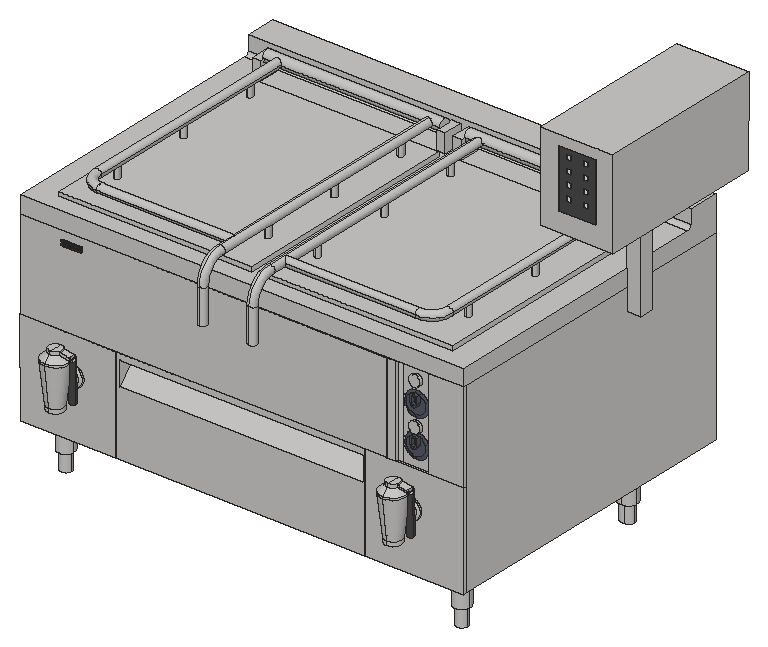
Revit family "QF_ZANUSSI_291163_CR42E", category Attrezzature speciali, Revit 2021
Family settings
  Quota connettore circolare = Usa diametro
  Tipo di parte = Normale
  Basato su piano di lavoro = No
  Sempre verticale = Sì
  Taglio con vuoti quando caricato = No
  Condiviso = No
  Punto di calcolo locali = No
Parameters (values of type "Standard")
  Weight = 380.00 kg
  Watts = 30000 W
  Volts = 400 V
  URL Manufacturer = "http://www.zanussiprofessional.com"
  URL = "http://www.zanussiprofessional.com"
  Steam Supply Size = 0 mm
  Steam Supply Minimum Pressure = 0.0 Pa
  Steam Supply Maximum Pressure = 0.0 Pa
  Steam Consumption per Hour = 0
  Refrigeration Suction Line Size = 0 mm
  Refrigeration Liquid Line Size = 0 mm
  Refrigerant Compressor Remote = yes
  Prospetto di default = 0 mm
  Produttore = "Zanussi"
  Phase = 3
  Modello = "CR42E"
  Length Actual = 1600 mm  # constant formula
  Item Number = "291163"
  Hot Water Size = 0 mm
  Height Actual = 850 mm  # constant formula
  HP = "40.2 HP"
  Gas Size = 0 mm
  Gas KW = 0
  Gas Input Pressure = 0 W
  Direct Waste Size = 50.8 mm
  Descrizione = "AUTOMATIC PASTA COOKER-ELECTRIC 2X190 LT"
  Depth Actual = 1280 mm  # constant formula
  Cycle = 50 Hz
  Condensate Return Size = 0 mm
  Compressed Air Volume = 0.0 L/s
  Compressed Air Size = 0 mm
  Compressed Air Pressure = 0.0 Pa
  Cold Water Size = 19.05 mm
  Accessory = yes
Reference planes
  plane 1 "Center (Front/Back)": y = 352
  plane 2: z = 0
  plane 3 "Center (Left/Right)": x = -256
  plane 4 "BASE": z = 170
  plane 5 "DisplayBase": z = 1120
  plane 6 "PLANE": z = 900
  plane 7 "FRONT": y = -218
  plane 8 "BACK": y = 922
  plane 9 "LEFT": x = -1056
  plane 10 "RIGHT": x = 544
  plane 11 "EIx": x = 574
  plane 12: x = -1556
  plane 13: x = 1194
  plane 14: y = 1722
  plane 15: z = 1440
  plane 16: x = -966
  plane 17: x = 444
  plane 18: y = 642
  plane 19: y = -118
  plane 20: y = -208
  plane 21: y = 422.42
  plane 22 "ProfiloTubolare": z = 1210
  plane 23 "ProfiloTube": z = 965.724
  plane 24 "ProfiloTube2": x = -346
  plane 25 "EIy": y = 787
  plane 26: x = 605.338
  plane 27 "SupportoDisplayY": y = 546.798
  plane 28: x = -866
  plane 29: x = 354
  plane 30 "HWIz": z = 205
  plane 31 "SIz": z = 275
  plane 32 "SOz": z = 295
  plane 33 "Display": y = 258.192
  plane 34 "HWIx": x = -956
  plane 35 "SIx": x = -861
  plane 36 "SOx": x = -811
  plane 37: z = 310
  plane 38: x = 704
  plane 39: y = -343
Forms (mm)
  Extrusion 1, solid, material "QF_Finishes_Stainless Steel"
    sketch origin (0, 0, 170) x (-1, 0, 0) y (0, -1, 0)
      loop
        line (1056, -922) -> (1056, 208) -> (-544, 208) -> (-544, -922) -> (1056, -922)
    from 0 to 690
  Extrusion 2, solid, material "QF_Finishes_Stainless Steel"
    sketch origin (0, -218, 0) x (0, 0, 1) y (-1, 0, 0)
      loop
        line (170, 1056) -> (170, 711) -> (515, 711) -> (515, 1056) -> (170, 1056)
      loop
        line (170, -544) -> (515, -544) -> (515, -189) -> (170, -189) -> (170, -544)
    from 0 to -10
  Extrusion 3, solid, material "QF_Finishes_Stainless Steel"
    sketch origin (0, -218, 0) x (0, 0, 1) y (-1, 0, 0)
      loop
        line (515, 1056) -> (515, -269) -> (840, -269) -> (840, 1056) -> (515, 1056)
    from 0 to -10
  Extrusion 4, void
    sketch origin (0, -218, 0) x (0, 0, 1) y (-1, 0, 0)
      loop
        line (170, 711) -> (170, -189) -> (515, -189) -> (515, 711) -> (170, 711)
    from 0 to -60
  Extrusion 5, solid, material "QF_Finishes_Stainless Steel"
    sketch origin (0, -218, 0) x (0, 0, 1) y (-1, 0, 0)
      loop
        line (515, 711) -> (170, 711) -> (170, -189) -> (515, -189) -> (515, 711)
    from 0 to -60
  Extrusion 6, void
    sketch origin (-256, 0, 0) x (0, 1, 0) y (0, 0, 1)
      loop
        line (-218, 495) -> (-218, 405) -> (-168, 462.126) -> (-168, 510) -> (-208, 510) -> (-208, 495) -> (-218, 495)
    from -440 to 440
  Extrusion 7, solid, material "QF_Finishes_Stainless Steel"
    sketch origin (0, -218, 0) x (0, 0, 1) y (-1, 0, 0)
      loop
        line (840, -269) -> (515, -269) -> (515, -299) -> (840, -299) -> (840, -269)
      loop
        line (840, -544) -> (840, -419) -> (515, -419) -> (515, -544) -> (840, -544)
    from 0 to -10
  Extrusion 8, void
    sketch origin (0, 0, 900) x (0, 1, 0) y (-1, 0, 0)
      loop
        line (-208, -299) -> (-208, -419) -> (-197.393, -408.393) -> (-197.393, -309.607) -> (-208, -299)
    from -405 to -60
  Extrusion 9, solid, material "QF_Finishes_Stainless Steel"
    sketch origin (0, -218, 0) x (0, 0, 1) y (-1, 0, 0)
      loop
        circle (791.509, -359) r 20
      loop
        circle (640.167, -359) r 20
    from -20.607 to -10
  Blend 10, solid, material "QF_Finishes_Navy Blue"
    base sketch origin (0, -218, 0) x (0, 0, 1) y (-1, 0, 0)
      loop
        circle (713.251, -359) r 45
    top sketch origin (0, -218, 0) x (0, 0, 1) y (-1, 0, 0)
      loop
        circle (713.251, -359) r 35
    from -20.607 to -18.101
  Extrusion 11, solid, material "QF_Finishes_Navy Blue"
    sketch origin (0, -218, 0) x (0, 0, 1) y (-1, 0, 0)
      loop
        line (746.13, -347) -> (719.69, -347)
        arc (719.69, -347) -> (707.69, -359) -> (719.69, -371) r 12
        line (719.69, -371) -> (746.13, -371)
        arc (746.13, -371) -> (748.251, -359) -> (746.13, -347) r 35
      loop
        line (742.423, -352) -> (719.69, -352)
        arc (719.69, -352) -> (712.69, -359) -> (719.69, -366) r 7
        line (719.69, -366) -> (742.423, -366)
        arc (742.423, -366) -> (743.251, -359) -> (742.423, -352) r 30
    from -6.44 to -18.101
  Blend 12, solid, material "QF_Finishes_Navy Blue"
    base sketch origin (0, -218, -155) x (0, 0, 1) y (-1, 0, 0)
      loop
        circle (733.251, -359) r 45
    top sketch origin (0, -218, -155) x (0, 0, 1) y (-1, 0, 0)
      loop
        circle (733.251, -359) r 35
    from -20.607 to -18.101
  Extrusion 13, solid, material "QF_Finishes_Navy Blue"
    sketch origin (0, -218, -155) x (0, 0, 1) y (-1, 0, 0)
      loop
        line (766.13, -347) -> (739.69, -347)
        arc (739.69, -347) -> (727.69, -359) -> (739.69, -371) r 12
        line (739.69, -371) -> (766.13, -371)
        arc (766.13, -371) -> (768.251, -359) -> (766.13, -347) r 35
      loop
        line (762.423, -352) -> (739.69, -352)
        arc (739.69, -352) -> (732.69, -359) -> (739.69, -366) r 7
        line (739.69, -366) -> (762.423, -366)
        arc (762.423, -366) -> (763.251, -359) -> (762.423, -352) r 30
    from -6.44 to -18.101
  Extrusion 14, solid, material "QF_Finishes_Stainless Steel"
    sketch origin (0, 0, 900) x (0, 1, 0) y (-1, 0, 0)
      loop
        line (692, 966) -> (-155.274, 966) -> (-155.274, 271) -> (692, 271) -> (692, 966)
    from 0 to 15
  Extrusion 15, solid, material "QF_Finishes_Stainless Steel"
    sketch origin (0, 0, 900) x (0, 1, 0) y (-1, 0, 0)
      loop
        line (787, 966) -> (717, 966) -> (717, 936) -> (787, 936) -> (787, 966)
      loop
        line (787, 301) -> (717, 301) -> (717, 271) -> (787, 271) -> (787, 301)
    from 0 to 66.232
  Sweep 16, solid, material "QF_Finishes_Stainless Steel"
    path origin (0, 0, 965.724) x (-1, 0, 0) y (0, -1, 0)
      loop
        line (891, -752) -> (891, 78)
        arc (891, 78) -> (873.426, 120.426) -> (831, 138) r 60
        line (831, 138) -> (346, 138)
    profile origin (-891, 337, 965.724) x (1, 0, 0) y (0, 0, 1)
      loop
        circle (0, 0) r 15
  Sweep 17, solid, material "QF_Finishes_Stainless Steel"
    path origin (-346, 0, 0) x (0, 0, 1) y (0, -1, 0)
      loop
        line (965.724, -752) -> (965.724, 201.972)
        arc (965.724, 201.972) -> (942.292, 258.541) -> (885.724, 281.972) r 80
        line (885.724, 281.972) -> (762.083, 281.972)
    profile origin (-346, 275.014, 965.724) x (0, 0, -1) y (1, 0, 0)
      loop
        circle (0, 0) r 15
  Extrusion 18, solid, material "QF_Finishes_Stainless Steel"
    sketch origin (-256, 0, 0) x (0, 1, 0) y (0, 0, 1)
      loop
        line (-218, 840) -> (922, 840) -> (922, 965.724) -> (812, 965.724) -> (812, 915)
        arc (812, 915) -> (807.607, 904.393) -> (797, 900) r 15
        line (797, 900) -> (-218, 900) -> (-218, 840)
    from -800 to 800
  Extrusion 19, solid, material "QF_Finishes_Stainless Steel"
    sketch origin (-256, 0, 0) x (0, 1, 0) y (0, 0, 1)
      loop
        circle (752, 965.724) r 20
    from -45 to -685
  Extrusion 20, solid, material "QF_Finishes_Stainless Steel"
    sketch origin (0, 0, 1210) x (0, -1, 0) y (1, 0, 0)
      loop
        circle (-787, 574) r 10
    from -90 to -103.307
  Extrusion 21, solid, material "QF_Finishes_Stainless Steel"
    sketch origin (0, -240.202, 900) x (0, 1, 0) y (-1, 0, 0)
      loop
        line (762, -594) -> (812, -594) -> (812, -544) -> (762, -544) -> (762, -594)
    from -137.917 to 200
  Extrusion 22, solid, material "QF_Finishes_Stainless Steel"
    sketch origin (0, 352, 0) x (1, 0, 0) y (0, 0, 1)
      loop
        line (444, 1120) -> (704, 1120) -> (704, 1440) -> (444, 1440) -> (444, 1120)
    from -516.192 to 93.808
  Extrusion 23, void
    sketch origin (0, 258.192, 0) x (0, 0, 1) y (-1, 0, 0)
      loop
        line (1400, -506.5) -> (1190, -506.5) -> (1190, -641.5) -> (1400, -641.5) -> (1400, -506.5)
    from 0 to -14.147
  Extrusion 24, solid, material "QF_Plastic-Black-Matte"
    sketch origin (0, 258.192, 0) x (0, 0, 1) y (-1, 0, 0)
      loop
        line (1400, -506.5) -> (1190, -506.5) -> (1190, -641.5) -> (1400, -641.5) -> (1400, -506.5)
      loop
        line (1381.554, -536.792) -> (1366.554, -536.792) -> (1366.554, -551.792) -> (1381.554, -551.792) -> (1381.554, -536.792)
      loop
        line (1336.554, -536.792) -> (1321.554, -536.792) -> (1321.554, -551.792) -> (1336.554, -551.792) -> (1336.554, -536.792)
      loop
        line (1291.554, -536.792) -> (1276.554, -536.792) -> (1276.554, -551.792) -> (1291.554, -551.792) -> (1291.554, -536.792)
      loop
        line (1246.554, -536.792) -> (1231.554, -536.792) -> (1231.554, -551.792) -> (1246.554, -551.792) -> (1246.554, -536.792)
      loop
        line (1381.554, -611.208) -> (1381.554, -596.208) -> (1366.554, -596.208) -> (1366.554, -611.208) -> (1381.554, -611.208)
      loop
        line (1336.554, -611.208) -> (1336.554, -596.208) -> (1321.554, -596.208) -> (1321.554, -611.208) -> (1336.554, -611.208)
      loop
        line (1291.554, -611.208) -> (1291.554, -596.208) -> (1276.554, -596.208) -> (1276.554, -611.208) -> (1291.554, -611.208)
      loop
        line (1246.554, -611.208) -> (1246.554, -596.208) -> (1231.554, -596.208) -> (1231.554, -611.208) -> (1246.554, -611.208)
    from 0 to -14.147
  Extrusion 25, solid, material "QF_Finishes_White"
    sketch origin (0, 258.192, 0) x (0, 0, 1) y (-1, 0, 0)
      loop
        line (1381.554, -536.792) -> (1366.554, -536.792) -> (1366.554, -551.792) -> (1381.554, -551.792) -> (1381.554, -536.792)
      loop
        line (1381.554, -596.208) -> (1366.554, -596.208) -> (1366.554, -611.208) -> (1381.554, -611.208) -> (1381.554, -596.208)
      loop
        line (1336.554, -536.792) -> (1321.554, -536.792) -> (1321.554, -551.792) -> (1336.554, -551.792) -> (1336.554, -536.792)
      loop
        line (1336.554, -596.208) -> (1321.554, -596.208) -> (1321.554, -611.208) -> (1336.554, -611.208) -> (1336.554, -596.208)
      loop
        line (1291.554, -536.792) -> (1276.554, -536.792) -> (1276.554, -551.792) -> (1291.554, -551.792) -> (1291.554, -536.792)
      loop
        line (1291.554, -596.208) -> (1276.554, -596.208) -> (1276.554, -611.208) -> (1291.554, -611.208) -> (1291.554, -596.208)
      loop
        line (1246.554, -536.792) -> (1231.554, -536.792) -> (1231.554, -551.792) -> (1246.554, -551.792) -> (1246.554, -536.792)
      loop
        line (1246.554, -596.208) -> (1231.554, -596.208) -> (1231.554, -611.208) -> (1246.554, -611.208) -> (1246.554, -596.208)
    from 0 to -14.147
  Extrusion 26, solid, material "QF_Clearances", detail levels coarse
    sketch origin (0, 0, 0) x (1, 0, 0) y (0, 1, 0)
      loop
        line (-1056, -218) -> (-1056, 922) -> (574, 922) -> (574, -218) -> (1194, -218) -> (1194, 1722) -> (-1556, 1722) -> (-1556, -218) -> (-1056, -218)
    from 0 to 920
  Extrusion 27, solid, material "QF_Finishes_Stainless Steel"
    sketch origin (0, 922, 0) x (-1, 0, 0) y (0, 0, 1)
      loop
        circle (956, 205) r 6.35
    from 0 to 2
  Extrusion 28, solid, material "QF_Finishes_Stainless Steel"
    sketch origin (-512, 922, 0) x (1, 0, 0) y (0, 0, -1)
      loop
        circle (956, -205) r 6.35
    from 0 to 2
  Extrusion 29, solid, material "QF_Finishes_Stainless Steel"
    sketch origin (-512, 0, 900) x (0, 1, 0) y (-1, 0, 0)
      loop
        line (692, -966) -> (692, -271) -> (-155.274, -271) -> (-155.274, -966) -> (692, -966)
    from 0 to 15
  Extrusion 30, solid, material "QF_Finishes_Stainless Steel"
    sketch origin (-512, 0, 900) x (0, 1, 0) y (-1, 0, 0)
      loop
        line (787, -966) -> (787, -936) -> (717, -936) -> (717, -966) -> (787, -966)
      loop
        line (787, -301) -> (787, -271) -> (717, -271) -> (717, -301) -> (787, -301)
    from 0 to 66.232
  Sweep 31, solid, material "QF_Finishes_Stainless Steel"
    path origin (-512, 0, 965.724) x (1, 0, 0) y (0, -1, 0)
      loop
        line (891, -752) -> (891, 78)
        arc (891, 78) -> (873.426, 120.426) -> (831, 138) r 60
        line (831, 138) -> (346, 138)
    profile origin (379, 337, 965.724) x (1, 0, 0) y (0, 0, 1)
      loop
        circle (0, 0) r 15
  Sweep 32, solid, material "QF_Finishes_Stainless Steel"
    path origin (-166, 0, 0) x (0, 0, 1) y (0, 1, 0)
      loop
        line (965.724, 752) -> (965.724, -201.972)
        arc (965.724, -201.972) -> (942.292, -258.541) -> (885.724, -281.972) r 80
        line (885.724, -281.972) -> (762.083, -281.972)
    profile origin (-166, 275.014, 965.724) x (0, 0, 1) y (-1, 0, 0)
      loop
        circle (0, 0) r 15
  Extrusion 33, solid, material "QF_Finishes_Stainless Steel"
    sketch origin (-256, 0, 0) x (0, 1, 0) y (0, 0, -1)
      loop
        circle (752, -965.724) r 20
    from -45 to -685
  Extrusion 34, solid, material "QF_Finishes_Stainless Steel"
    sketch origin (0, 0, 900) x (0, 1, 0) y (-1, 0, 0)
      loop
        circle (312, 891) r 10
      loop
        circle (612, 891) r 10
      loop
        circle (12, 891) r 10
      loop
        circle (312, 346) r 10
      loop
        circle (612, 346) r 10
      loop
        circle (12, 346) r 10
      loop
        circle (312, -379) r 10
      loop
        circle (612, -379) r 10
      loop
        circle (12, -379) r 10
      loop
        circle (312, 166) r 10
      loop
        circle (612, 166) r 10
      loop
        circle (12, 166) r 10
    from 15 to 65.724
Cuts and joins
  Extrusion 4, Extrusion 8 cuts Extrusion 1
  Extrusion 6 cuts Extrusion 5
  joined: Sweep 16, Sweep 17, Extrusion 19, Sweep 31, Sweep 32, Extrusion 34
  Extrusion 23 cuts Extrusion 22
Lines and regions (mm)
  symbolic lines
    curve 1: line (-966, 787, 900) -> (-936, 787, 900)
    curve 2: line (-966, 717, 900) -> (-966, 787, 900)
    curve 3: line (-936, 717, 900) -> (-966, 717, 900)
    curve 4: line (-936, 787, 900) -> (-936, 717, 900)
    curve 5: line (-301, 787, 900) -> (-271, 787, 900)
    curve 6: line (-301, 717, 900) -> (-301, 787, 900)
    curve 7: line (-271, 717, 900) -> (-301, 717, 900)
    curve 8: line (-271, 787, 900) -> (-271, 717, 900)
    curve 9: line (-906, 732, 900) -> (-906, -78, 900)
    curve 10: line (-361, -153, 900) -> (-831, -153, 900)
    curve 11: arc (-906, -78, 900) -> (-884.033, -131.033, 900) -> (-831, -153, 900) r 75
    curve 12: line (-876, 732, 900) -> (-876, -78, 900)
    curve 13: arc (-876, -78, 900) -> (-862.82, -109.82, 900) -> (-831, -123, 900) r 45
    curve 14: line (-361, -123, 900) -> (-831, -123, 900)
    curve 15: line (-361, 732, 900) -> (-361, -123, 900)
    curve 16: arc (-361, -281.972, 900) -> (-346, -296.972, 900) -> (-331, -281.972, 900) r 15
    curve 17: line (-331, 732, 900) -> (-331, -281.972, 900)
    curve 18: line (-361, -153, 900) -> (-361, -281.972, 900)
    curve 19: line (-361, -123, 900) -> (-346, -138, 900)
    curve 20: line (-346, -138, 900) -> (-361, -153, 900)
    curve 21: line (-301, 732, 900) -> (-331, 732, 900)
    curve 22: arc (-361, 732, 900) -> (-346, 738.771, 900) -> (-331, 732, 900) r 20
    curve 23: line (-876, 732, 900) -> (-361, 732, 900)
    curve 24: line (-906, 732, 900) -> (-936, 732, 900)
    curve 25: line (-936, 772, 900) -> (-301, 772, 900)
    curve 26: line (444, 787, 900) -> (424, 787, 900)
    curve 27: line (424, 717, 900) -> (444, 717, 900)
    curve 28: line (424, 787, 900) -> (424, 717, 900)
    curve 29: line (-211, 787, 900) -> (-241, 787, 900)
    curve 30: line (-211, 717, 900) -> (-211, 787, 900)
    curve 31: line (-241, 717, 900) -> (-211, 717, 900)
    curve 32: line (-241, 787, 900) -> (-241, 717, 900)
    curve 33: line (394, 732, 900) -> (394, -78, 900)
    curve 34: line (-151, -153, 900) -> (319, -153, 900)
    curve 35: arc (394, -78, 900) -> (372.033, -131.033, 900) -> (319, -153, 900) r 75
    curve 36: line (364, 732, 900) -> (364, -78, 900)
    curve 37: arc (364, -78, 900) -> (350.82, -109.82, 900) -> (319, -123, 900) r 45
    curve 38: line (-151, -123, 900) -> (319, -123, 900)
    curve 39: line (-151, 732, 900) -> (-151, -123, 900)
    curve 40: arc (-151, -281.972, 900) -> (-166, -296.972, 900) -> (-181, -281.972, 900) r 15
    curve 41: line (-181, 732, 900) -> (-181, -281.972, 900)
    curve 42: line (-151, -153, 900) -> (-151, -281.972, 900)
    curve 43: line (-151, -123, 900) -> (-166, -138, 900)
    curve 44: line (-166, -138, 900) -> (-151, -153, 900)
    curve 45: line (-211, 732, 900) -> (-181, 732, 900)
    curve 46: arc (-151, 732, 900) -> (-166, 738.771, 900) -> (-181, 732, 900) r 20
    curve 47: line (364, 732, 900) -> (-151, 732, 900)
    curve 48: line (394, 732, 900) -> (424, 732, 900)
    curve 49: line (424, 772, 900) -> (-211, 772, 900)
    curve 50: line (-1056, 922, 900) -> (-1056, -218, 900)
    curve 51: line (-1056, -218, 900) -> (-361, -218, 900)
    curve 52: line (-331, -218, 900) -> (-181, -218, 900)
    curve 53: line (-151, -218, 900) -> (574, -218, 900)
    curve 54: line (574, -218, 900) -> (574, 258.192, 900)
    curve 55: line (444, 258.192, 900) -> (704, 258.192, 900)
    curve 56: line (444, 868.192, 900) -> (444, 258.192, 900)
    curve 57: line (704, 868.192, 900) -> (444, 868.192, 900)
    curve 58: line (704, 258.192, 900) -> (704, 868.192, 900)
    curve 59: line (-966, 692, 900) -> (-906, 692, 900)
    curve 60: line (-876, 692, 900) -> (-361, 692, 900)
    curve 61: line (-331, 692, 900) -> (-271, 692, 900)
    curve 62: line (-271, 692, 900) -> (-271, -155.274, 900)
    curve 63: line (-271, -155.274, 900) -> (-331, -155.274, 900)
    curve 64: line (-966, 692, 900) -> (-966, -155.274, 900)
    curve 65: line (-966, -155.274, 900) -> (-361, -155.274, 900)
    curve 66: line (444, 692, 900) -> (394, 692, 900)
    curve 67: line (364, 692, 900) -> (-151, 692, 900)
    curve 68: line (-181, 692, 900) -> (-241, 692, 900)
    curve 69: line (-241, 692, 900) -> (-241, -155.274, 900)
    curve 70: line (-241, -155.274, 900) -> (-181, -155.274, 900)
    curve 71: line (454, 258.192, 900) -> (454, -155.274, 900)
    curve 72: line (454, -155.274, 900) -> (-151, -155.274, 900)
    curve 73: line (-1056, 922, 900) -> (574, 922, 900)
    curve 74: line (574, 922, 900) -> (574, 868.192, 900)
  symbolic lines, style "QF_Clearances", detail levels coarse
    curve 75: line (-1056, -218, 900) -> (-1556, -218, 900)
    curve 76: line (-1556, -218, 900) -> (-1556, 1722, 900)
    curve 77: line (-1556, 1722, 900) -> (1194, 1722, 900)
    curve 78: line (1194, 1722, 900) -> (1194, -218, 900)
    curve 79: line (1194, -218, 900) -> (574, -218, 900)
Dimensions and locks
  plane 5 "DisplayBase" to level = 1120 mm
  plane 4 "BASE" to level = 170 mm  (x2)
  locked: plane 9 "LEFT" to plane 10 "RIGHT" at 1600
  equal spacing: plane 9 "LEFT", plane 3 "Center (Left/Right)", plane 10 "RIGHT"
  plane 14 to plane 8 "BACK" = 800 mm
  locked: plane 7 "FRONT" to plane 8 "BACK" at 1140
  equal spacing: plane 7 "FRONT", plane 1 "Center (Front/Back)", plane 8 "BACK"
  plane 12 to plane 9 "LEFT" = 500 mm  (x2)
  plane 10 "RIGHT" to plane 13 = 650 mm  (x2)
  plane 9 "LEFT" to plane 11 "EIx" = 1630 mm
  plane 15 to plane 5 "DisplayBase" = 320 mm
  plane 9 "LEFT" to plane 16 = 90 mm
  plane 16 to plane 17 = 1410 mm
  plane 17 to plane 10 "RIGHT" = 100 mm
  plane 9 "LEFT" to plane 10 "RIGHT" = 1600 mm
  plane 8 "BACK" to plane 18 = 280 mm
  plane 18 to plane 19 = 760 mm
  plane 19 to plane 7 "FRONT" = 100 mm
  plane 8 "BACK" to plane 18 to plane 19 to plane 7 "FRONT" = 280 mm, 760 mm, 100 mm
  plane 8 "BACK" to plane 25 "EIy" = 135 mm
  plane 10 "RIGHT" to plane 11 "EIx" = 30 mm
  plane 15 to plane 5 "DisplayBase" to level = 320 mm, 1120 mm
  plane 9 "LEFT" to plane 28 = 190 mm
  plane 29 to plane 10 "RIGHT" = 190 mm
  plane 9 "LEFT" to plane 34 "HWIx" = 100 mm
  plane 9 "LEFT" to plane 35 "SIx" = 195 mm
  plane 9 "LEFT" to plane 36 "SOx" = 245 mm
  plane 30 "HWIz" to level = 205 mm
  plane 31 "SIz" to level = 275 mm
  plane 32 "SOz" to level = 295 mm
  plane 37 to level = 310 mm
  plane 6 "PLANE" to level = 900 mm
  plane 38 to plane 17 = 260 mm
  plane 38 to plane 9 "LEFT" = 1760 mm
  plane 10 "RIGHT" to plane 9 "LEFT" = 1600 mm
  plane 11 "EIx" to plane 10 "RIGHT" = 30 mm
  plane 7 "FRONT" to plane 39 = 125 mm
  aligned and locked: level to plane 2
  aligned and locked: plane 16 to nested 1
  aligned and locked: plane 17 to nested 2
  aligned and locked: nested 1 to plane 18
  aligned and locked: nested 2 to plane 18
  aligned and locked: nested 3 to plane 19
  aligned and locked: nested 4 to plane 19
  aligned and locked: nested 6 to plane 28
  aligned and locked: nested 5 to plane 29
Automatic sketch dimensions
  Extrusion 1 sketch curve to plane 8 "BACK" = 0 mm
  Extrusion 1 sketch curve to plane 10 "RIGHT" = 0 mm
  Extrusion 1 sketch curve to plane 9 "LEFT" = 0 mm
  plane 20 to Extrusion 1 sketch curve = 0 mm
  Extrusion 2 sketch curve to plane 4 "BASE" = 0 mm  (x2)
  Extrusion 2 sketch curve to plane 10 "RIGHT" = 0 mm
  Extrusion 2 sketch curve to plane 9 "LEFT" = 0 mm
  Extrusion 2 sketch curve to plane 36 "SOx" = 100 mm
  plane 37 to Extrusion 2 sketch curve = 205 mm  (x2)
  Extrusion 2 sketch curve to plane 29 = 165 mm
  Extrusion 3 sketch curve to plane 9 "LEFT" = 0 mm
  Extrusion 3 sketch curve to plane 29 = 85 mm
  plane 37 to Extrusion 3 sketch curve = 205 mm
  Extrusion 3 sketch curve to plane 6 "PLANE" = 60 mm
  Extrusion 4 sketch curve to plane 4 "BASE" = 0 mm
  Extrusion 4 sketch curve to plane 36 "SOx" = 100 mm
  plane 37 to Extrusion 4 sketch curve = 205 mm
  Extrusion 4 sketch curve to plane 29 = 165 mm
  Extrusion 5 sketch curve to plane 4 "BASE" = 0 mm
  Extrusion 5 sketch curve to plane 36 "SOx" = 100 mm
  plane 37 to Extrusion 5 sketch curve = 205 mm
  Extrusion 5 sketch curve to plane 29 = 165 mm
  Extrusion 6 sketch curve to plane 7 "FRONT" = 0 mm
  Extrusion 6 sketch curve to plane 20 = 0 mm
  Extrusion 6 sketch curve to Extrusion 6 sketch curve = 40 mm
  plane 37 to Extrusion 6 sketch curve = 95 mm
  Extrusion 6 sketch curve to Extrusion 6 sketch curve = 57.126 mm
  Extrusion 6 sketch curve to Extrusion 6 sketch curve = 32.874 mm
  Extrusion 6 sketch curve to Extrusion 6 sketch curve = 15 mm
  Extrusion 7 sketch curve to plane 10 "RIGHT" = 0 mm
  plane 37 to Extrusion 7 sketch curve = 205 mm
  Extrusion 7 sketch curve to Extrusion 7 sketch curve = 0 mm
  Extrusion 7 sketch curve to plane 17 = 25 mm
  Extrusion 7 sketch curve to plane 6 "PLANE" = 60 mm  (x2)
  Extrusion 7 sketch curve to plane 29 = 55 mm
  Extrusion 7 sketch curve to Extrusion 7 sketch curve = 30 mm
  plane 20 to Extrusion 8 sketch curve = 0 mm
  Extrusion 8 sketch curve to plane 20 = 10.607 mm
  Extrusion 8 sketch curve to plane 17 = 25 mm
  Extrusion 8 sketch curve to Extrusion 8 sketch curve = 10.607 mm  (x2)
  Extrusion 8 sketch curve to plane 29 = 44.393 mm
  plane 29 to Extrusion 9 sketch curve = 5 mm  (x2)
  Extrusion 9 sketch curve to plane 6 "PLANE" = 259.833 mm
  Extrusion 9 sketch curve to plane 6 "PLANE" = 108.491 mm
  plane 29 to Blend 10 sketch curve = 5 mm  (x2)
  Blend 10 sketch curve to plane 6 "PLANE" = 186.749 mm  (x2)
  Extrusion 11 sketch curve to Extrusion 11 sketch curve = 0 mm  (x4)
  plane 29 to Extrusion 11 sketch curve = 5 mm
  Extrusion 11 sketch curve to plane 6 "PLANE" = 186.749 mm
  Extrusion 11 sketch curve to Extrusion 11 sketch curve = 6.439 mm
  Extrusion 11 sketch curve to plane 29 = 2 mm
  Extrusion 11 sketch curve to Extrusion 11 sketch curve = 22.733 mm
  plane 29 to Extrusion 11 sketch curve = 12 mm
  Extrusion 11 sketch curve to Extrusion 11 sketch curve = 3.707 mm
  Extrusion 11 sketch curve to Extrusion 11 sketch curve = 5 mm
  plane 29 to Blend 12 sketch curve = 5 mm  (x2)
  plane 37 to Blend 12 sketch curve = 268.251 mm  (x2)
  Extrusion 13 sketch curve to Extrusion 13 sketch curve = 0 mm  (x4)
  plane 29 to Extrusion 13 sketch curve = 5 mm
  plane 37 to Extrusion 13 sketch curve = 268.251 mm
  Extrusion 13 sketch curve to Extrusion 13 sketch curve = 6.439 mm
  Extrusion 13 sketch curve to plane 29 = 2 mm
  Extrusion 13 sketch curve to Extrusion 13 sketch curve = 22.733 mm
  plane 29 to Extrusion 13 sketch curve = 12 mm
  Extrusion 13 sketch curve to Extrusion 13 sketch curve = 3.707 mm
  Extrusion 13 sketch curve to Extrusion 13 sketch curve = 5 mm
  Extrusion 14 sketch curve to plane 16 = 0 mm
  Extrusion 14 sketch curve to plane 19 = 37.274 mm
  Extrusion 14 sketch curve to plane 3 "Center (Left/Right)" = 15 mm
  plane 18 to Extrusion 14 sketch curve = 50 mm
  Extrusion 15 sketch curve to plane 16 = 0 mm
  Extrusion 15 sketch curve to plane 25 "EIy" = 0 mm  (x2)
  Extrusion 15 sketch curve to plane 25 "EIy" = 70 mm  (x2)
  plane 34 "HWIx" to Extrusion 15 sketch curve = 20 mm
  Extrusion 15 sketch curve to plane 3 "Center (Left/Right)" = 45 mm
  Extrusion 15 sketch curve to plane 3 "Center (Left/Right)" = 15 mm
  Sweep 16 sketch curve to plane 24 "ProfiloTube2" = 0 mm
  plane 36 "SOx" to Sweep 16 sketch curve = 20 mm
  Sweep 16 sketch curve to plane 28 = 25 mm
  plane 19 to Sweep 16 sketch curve = 40 mm
  Sweep 16 sketch curve to plane 25 "EIy" = 35 mm
  profile plane to Sweep 16 sketch curve = 0 mm
  Sweep 16 sketch curve to profile plane = 0 mm
  plane 23 "ProfiloTube" to Sweep 17 sketch curve = 0 mm
  Sweep 17 sketch curve to plane 6 "PLANE" = 14.276 mm
  Sweep 17 sketch curve to plane 7 "FRONT" = 16.028 mm
  Sweep 17 sketch curve to Sweep 17 sketch curve = 123.641 mm
  Sweep 17 sketch curve to plane 25 "EIy" = 35 mm
  Sweep 17 sketch curve to profile plane = 0 mm  (x2)
  Extrusion 18 sketch curve to plane 7 "FRONT" = 0 mm
  Extrusion 18 sketch curve to plane 6 "PLANE" = 0 mm
  plane 23 "ProfiloTube" to Extrusion 18 sketch curve = 0 mm
  Extrusion 18 sketch curve to plane 8 "BACK" = 0 mm
  plane 25 "EIy" to Extrusion 18 sketch curve = 10 mm
  Extrusion 18 sketch curve to Extrusion 18 sketch curve = 15 mm
  Extrusion 18 sketch curve to plane 6 "PLANE" = 60 mm
  plane 23 "ProfiloTube" to Extrusion 19 sketch curve = 0 mm
  Extrusion 19 sketch curve to plane 25 "EIy" = 35 mm
  Extrusion 20 sketch curve to plane 11 "EIx" = 0 mm
  Extrusion 20 sketch curve to plane 25 "EIy" = 0 mm
  Extrusion 21 sketch curve to plane 10 "RIGHT" = 0 mm
  plane 26 to Extrusion 21 sketch curve = 11.338 mm
  Extrusion 21 sketch curve to plane 27 "SupportoDisplayY" = 25 mm
  plane 27 "SupportoDisplayY" to Extrusion 21 sketch curve = 25 mm
  Extrusion 22 sketch curve to plane 15 = 0 mm
  Extrusion 22 sketch curve to plane 17 = 0 mm
  Extrusion 22 sketch curve to plane 5 "DisplayBase" = 0 mm
  Extrusion 22 sketch curve to plane 38 = 0 mm
  plane 22 "ProfiloTubolare" to Extrusion 23 sketch curve = 20 mm
  Extrusion 23 sketch curve to plane 15 = 40 mm
  Extrusion 23 sketch curve to plane 26 = 36.162 mm
  Extrusion 23 sketch curve to plane 10 "RIGHT" = 37.5 mm
  plane 22 "ProfiloTubolare" to Extrusion 24 sketch curve = 20 mm
  plane 26 to Extrusion 24 sketch curve = 9.13 mm  (x4)
  Extrusion 24 sketch curve to plane 22 "ProfiloTubolare" = 21.554 mm  (x2)
  plane 10 "RIGHT" to Extrusion 24 sketch curve = 7.792 mm  (x4)
  Extrusion 24 sketch curve to plane 10 "RIGHT" = 7.208 mm  (x4)
  Extrusion 24 sketch curve to Extrusion 24 sketch curve = 15 mm  (x8)
  Extrusion 24 sketch curve to plane 26 = 5.87 mm  (x4)
  Extrusion 24 sketch curve to Extrusion 24 sketch curve = 30 mm  (x6)
  Extrusion 24 sketch curve to Extrusion 24 sketch curve = 18.446 mm
  Extrusion 24 sketch curve to plane 26 = 36.162 mm
  Extrusion 24 sketch curve to Extrusion 24 sketch curve = 30.292 mm
  Extrusion 25 sketch curve to plane 26 = 5.87 mm  (x4)
  Extrusion 25 sketch curve to plane 22 "ProfiloTubolare" = 21.554 mm  (x2)
  plane 10 "RIGHT" to Extrusion 25 sketch curve = 7.792 mm  (x4)
  Extrusion 25 sketch curve to Extrusion 25 sketch curve = 15 mm  (x8)
  Extrusion 25 sketch curve to Extrusion 25 sketch curve = 30 mm  (x6)
  Extrusion 25 sketch curve to plane 10 "RIGHT" = 7.208 mm  (x4)
  plane 26 to Extrusion 25 sketch curve = 9.13 mm  (x4)
  plane 7 "FRONT" to Extrusion 26 sketch curve = 0 mm  (x2)
  Extrusion 26 sketch curve to plane 12 = 0 mm
  Extrusion 26 sketch curve to plane 9 "LEFT" = 0 mm
  Extrusion 26 sketch curve to plane 11 "EIx" = 0 mm
  Extrusion 26 sketch curve to plane 13 = 0 mm
  Extrusion 26 sketch curve to plane 8 "BACK" = 0 mm
  Extrusion 26 sketch curve to plane 14 = 0 mm
  Extrusion 27 sketch curve to plane 30 "HWIz" = 0 mm
  Extrusion 27 sketch curve to plane 34 "HWIx" = 0 mm
  Extrusion 28 sketch curve to plane 17 = 0 mm
  Extrusion 28 sketch curve to plane 30 "HWIz" = 0 mm
  Extrusion 29 sketch curve to plane 17 = 10 mm
  plane 19 to Extrusion 29 sketch curve = 37.274 mm
  Extrusion 29 sketch curve to plane 3 "Center (Left/Right)" = 15 mm
  Extrusion 29 sketch curve to plane 18 = 50 mm
  Extrusion 30 sketch curve to plane 25 "EIy" = 0 mm  (x2)
  plane 25 "EIy" to Extrusion 30 sketch curve = 70 mm  (x2)
  Extrusion 30 sketch curve to plane 17 = 10 mm
  plane 17 to Extrusion 30 sketch curve = 20 mm
  Extrusion 30 sketch curve to plane 3 "Center (Left/Right)" = 45 mm
  Extrusion 30 sketch curve to plane 3 "Center (Left/Right)" = 15 mm
  plane 19 to Sweep 31 sketch curve = 20 mm
  plane 29 to Sweep 31 sketch curve = 35 mm
  Sweep 31 sketch curve to plane 29 = 25 mm
  Sweep 31 sketch curve to plane 3 "Center (Left/Right)" = 90 mm
  plane 25 "EIy" to Sweep 31 sketch curve = 35 mm
  Sweep 31 sketch curve to plane 23 "ProfiloTube" = 0 mm
  profile plane to Sweep 31 sketch curve = 0 mm
  plane 23 "ProfiloTube" to Sweep 32 sketch curve = 0 mm
  Sweep 32 sketch curve to plane 6 "PLANE" = 14.276 mm
  plane 7 "FRONT" to Sweep 32 sketch curve = 63.972 mm
  Sweep 32 sketch curve to Sweep 32 sketch curve = 123.641 mm
  Sweep 32 sketch curve to plane 25 "EIy" = 35 mm
  Sweep 32 sketch curve to profile plane = 0 mm
  profile plane to Sweep 32 sketch curve = 0 mm
  plane 23 "ProfiloTube" to Extrusion 33 sketch curve = 0 mm
  Extrusion 33 sketch curve to plane 25 "EIy" = 35 mm
  curve 11 to curve 13 = 0 mm  (x2)
  curve 35 to curve 37 = 0 mm  (x2)
  curve 16 to plane 24 "ProfiloTube2" = 0 mm
  plane 7 "FRONT" to curve 75 = 0 mm
  plane 7 "FRONT" to curve 52 = 0 mm
  plane 7 "FRONT" to curve 54 = 0 mm
  curve 64 to plane 16 = 0 mm
  curve 20 to plane 24 "ProfiloTube2" = 0 mm
  plane 33 "Display" to curve 58 = 0 mm
  curve 66 to plane 17 = 0 mm
  curve 3 to plane 16 = 0 mm
  curve 22 to plane 24 "ProfiloTube2" = 0 mm
  curve 26 to plane 25 "EIy" = 0 mm
  curve 29 to plane 25 "EIy" = 0 mm
  curve 8 to plane 25 "EIy" = 0 mm
  curve 1 to plane 25 "EIy" = 0 mm
  curve 57 to plane 38 = 0 mm
  curve 74 to plane 11 "EIx" = 0 mm
  curve 73 to plane 8 "BACK" = 0 mm
  curve 77 to plane 13 = 0 mm
  curve 77 to plane 14 = 0 mm
  curve 79 to plane 11 "EIx" = 0 mm
  curve 75 to plane 9 "LEFT" = 0 mm
  curve 76 to plane 12 = 0 mm
  plane 7 "FRONT" to curve 41 = 63.972 mm
  plane 7 "FRONT" to curve 16 = 63.972 mm
  curve 64 to plane 19 = 37.274 mm
  plane 17 to curve 71 = 10 mm
  curve 71 to plane 19 = 37.274 mm
  plane 3 "Center (Left/Right)" to curve 69 = 15 mm
  curve 69 to plane 19 = 37.274 mm
  curve 62 to plane 3 "Center (Left/Right)" = 15 mm
  curve 62 to curve 69 = 0 mm
  curve 65 to curve 18 = 2.274 mm
  curve 34 to plane 19 = 35 mm
  curve 43 to plane 19 = 20 mm
  curve 20 to plane 19 = 20 mm
  curve 19 to plane 19 = 5 mm
  curve 43 to plane 19 = 5 mm
  plane 36 "SOx" to curve 13 = 20 mm
  plane 19 to curve 13 = 40 mm
  plane 19 to curve 37 = 40 mm
  plane 18 to curve 69 = 50 mm
  plane 18 to curve 64 = 50 mm
  curve 62 to curve 68 = 0 mm
  curve 68 to curve 31 = 25 mm
  curve 61 to curve 8 = 25 mm
  curve 59 to curve 3 = 25 mm
  curve 27 to plane 17 = 20 mm
  curve 27 to plane 25 "EIy" = 70 mm
  curve 61 to curve 22 = 26.771 mm
  curve 68 to curve 46 = 26.771 mm
  curve 27 to curve 33 = 15 mm
  plane 29 to curve 36 = 10 mm
  curve 36 to curve 33 = 0 mm
  curve 59 to curve 12 = 40 mm
  plane 24 "ProfiloTube2" to curve 17 = 15 mm
  curve 46 to curve 45 = 13.229 mm
  curve 9 to curve 12 = 0 mm
  curve 57 to plane 8 "BACK" = 53.808 mm
  curve 38 to curve 69 = 90 mm
  curve 44 to curve 38 = 0 mm
  curve 40 to curve 40 = 15 mm
  plane 3 "Center (Left/Right)" to curve 30 = 45 mm
  plane 3 "Center (Left/Right)" to curve 32 = 15 mm
  curve 7 to plane 3 "Center (Left/Right)" = 15 mm
  curve 7 to curve 7 = 30 mm
  plane 34 "HWIx" to curve 4 = 20 mm
  curve 68 to curve 67 = 0 mm
  curve 67 to curve 66 = 0 mm
  curve 60 to curve 61 = 0 mm
  curve 49 to plane 25 "EIy" = 15 mm
  curve 25 to plane 25 "EIy" = 15 mm
  Extrusion 34 sketch curve to plane 24 "ProfiloTube2" = 0 mm  (x3)
  plane 19 to Extrusion 34 sketch curve = 130 mm  (x4)
  Extrusion 34 sketch curve to plane 28 = 25 mm  (x3)
  plane 29 to Extrusion 34 sketch curve = 25 mm  (x3)
  plane 1 "Center (Front/Back)" to Extrusion 34 sketch curve = 40 mm  (x4)
  Extrusion 34 sketch curve to plane 18 = 30 mm  (x4)
  plane 3 "Center (Left/Right)" to Extrusion 34 sketch curve = 90 mm  (x3)
  radius of Extrusion 9 sketch curve = 20 mm  (x2)
  radius of Blend 10 sketch curve = 45 mm
  radius of Blend 10 sketch curve = 35 mm
  radius of Blend 12 sketch curve = 45 mm
  radius of Blend 12 sketch curve = 35 mm
  radius of Sweep 16 sketch curve = 15 mm
  radius of Sweep 17 sketch curve = 15 mm
  radius of Extrusion 19 sketch curve = 20 mm
  radius of Extrusion 20 sketch curve = 10 mm
  radius of Extrusion 27 sketch curve = 6.35 mm
  radius of Extrusion 28 sketch curve = 6.35 mm
  radius of Sweep 31 sketch curve = 15 mm
  radius of Sweep 32 sketch curve = 15 mm
  radius of Extrusion 33 sketch curve = 20 mm
  radius of Extrusion 34 sketch curve = 10 mm  (x12)
Nested families
  nested 1: "FEET170" at (-966, 642, 0), type "FEET170"
  nested 2: "FEET170" at (444, 642, 0), type "FEET170"
  nested 3: "FEET170" at (-971, -118, 0), type "FEET170"
  nested 4: "FEET170" at (459, -118, 0), type "FEET170"
  nested 5: "Block1" at (364, -182.713, 381.695), type "Block1"
  nested 6: "Block1" at (-856, -182.713, 381.695), type "Block1"
  nested 7: "FEET170" at (454, 642, 0) x (-1, 0, 0) z (0, 0, 1), type "FEET170"
  nested 8: "FEET170" at (459, -118, 0) x (-1, 0, 0) z (0, 0, 1), type "FEET170"
  nested 9: "ZANUSSI_Logo" at (-866.08, -218, 849) x (1, 0, 0) z (0, -1, 0), type "ZANUSSI_Logo"
    with Show Logo yes
Connectors
  piping at (444, 922, 205), diameter 12.7
    settings: on Extrusion 28, index 1, connector inside diameter 609.6 mm, connector length 0 mm, flow factor 0, pipe flow 0.0 L/s, pressure drop 0.0 Pa, fitting loss kfactor 0, connector angle 0.00°, fixture units 0, engagement length 0 mm, angle of deflection 0.00°, flow configuration 1, flow direction 1, fitting loss method 0, system type 19, joint type 0, gender type 0, connector reference index -1, connector utility 0, adjustable connector no, is connector primary yes, connector description "Hot Water Inlet"
  piping at (-956, 922, 205), diameter 12.7
    settings: on Extrusion 27, index 2, connector inside diameter 609.6 mm, connector length 0 mm, flow factor 0, pipe flow 0.0 L/s, pressure drop 0.0 Pa, fitting loss kfactor 0, connector angle 0.00°, fixture units 0, engagement length 0 mm, angle of deflection 0.00°, flow configuration 1, flow direction 1, fitting loss method 0, system type 19, joint type 0, gender type 0, connector reference index -1, connector utility 0, adjustable connector no, is connector primary no, connector description "Hot Water Inlet"
  electrical at (574, 787, 1106.693), driven by "Volts"
    settings: on Extrusion 20, index 7, voltage 400 V, apparent load 0 VA, apparent load phase1 0 VA, apparent load phase2 0 VA, apparent load phase3 0 VA, power factor 1, load classification "Other", number of poles 1, system type 30, power factor state 1, is connector primary yes, connector utility no, sub classification motor no, connector description "Electrical Connection"
Definition of nested family "FEET170"
  Parameters
    Default Elevation = 0 mm
    FEET = 170 mm
  Reference planes
    plane 1 "Center (Front/Back)": y = 0
    plane 2: z = 0
    plane 3 "Center (Left/Right)": x = 0
    plane 4: z = 170
  Forms (mm)
    Revolve 1, solid
      sketch origin (255.05, 0, 608.09) x (0, 0, 1) y (-1, 0, 0)
        loop
          line (-438.09, 255.05) -> (-608.09, 255.05) -> (-608.09, 235.05) -> (-543.09, 235.05) -> (-543.09, 225.05) -> (-438.09, 225.05) -> (-438.09, 255.05)
        axis (-608.09, 255.05) -> (-438.09, 255.05)
      angle from 0 to 360
  Lines and regions (mm)
    symbolic lines, detail levels coarse
      curve 1: line (0, -0.49, 0) -> (0, 0.51, 0)
      curve 2: line (0.5, 0, 0) -> (-0.5, 0, 0)
  Dimensions and locks
    "FEET": plane 4 to plane 2
    aligned and locked: level to plane 2
  Automatic sketch dimensions
    plane 1 "Center (Front/Back)" to curve 2 = 0 mm
    curve 1 to plane 3 "Center (Left/Right)" = 0 mm
    plane 1 "Center (Front/Back)" to curve 1 = 0.49 mm
    curve 2 to plane 3 "Center (Left/Right)" = 0.5 mm
    plane 3 "Center (Left/Right)" to curve 2 = 0.5 mm
    curve 1 to plane 1 "Center (Front/Back)" = 0.51 mm
    Revolve 1 sketch curve to plane 3 "Center (Left/Right)" = 0 mm  (x2)
    Revolve 1 sketch curve to plane 4 = 0 mm
    plane 3 "Center (Left/Right)" to Revolve 1 sketch curve = 20 mm
    Revolve 1 sketch curve to plane 4 = 105 mm
    level to Revolve 1 sketch curve = 0 mm
    Revolve 1 sketch curve to Revolve 1 sketch curve = 10 mm
    Revolve 1 sketch curve to Revolve 1 sketch curve = 50 mm
    Revolve 1 sketch curve to Revolve 1 sketch curve = 20 mm
Definition of nested family "Block1"
  Parameters
    Default Elevation = 0 mm
  Reference planes
    plane 1 "Back": y = 0
    plane 2: z = 0
    plane 3 "Center (Left/Right)": x = -10
    plane 4: x = 73.5
    plane 5: x = -93.5
    plane 6 "Center (Front/Back)": y = -113.221
    plane 7: y = -101.221
    plane 8: y = -125.221
    plane 9: y = -125
    plane 10 "BACK": y = -35.287
  Forms (mm)
    Revolve 1, solid
      sketch origin (-10, -35.287, 0) x (0, -1, 0) y (0, 0, 1)
        loop
          line (0, 0) -> (0, -38.077) -> (3.493, -38.077) -> (10.479, -27.945) -> (24.452, -27.945) -> (24.452, -31.438) -> (34.931, -31.438) -> (34.931, -27.945) -> (59.383, -27.945) -> (59.383, 0) -> (0, 0)
        axis (0, 0) -> (59.383, 0)
      angle from 0 to 360
    Revolve 2, solid
      sketch origin (-10, -35.287, 0) x (0, -1, 0) y (0, 0, 1)
        loop
          line (78.801, -71.695) -> (78.801, 124.542) -> (55.513, 124.542) -> (55.513, 112.898) -> (53.185, 112.898) -> (32.601, 92.315) -> (32.601, 86.493) -> (49.264, -56.695) -> (49.264, -71.695) -> (78.801, -71.695)
        axis (78.801, -71.695) -> (78.801, 124.542)
      angle from 0 to 360
    Extrusion 3, solid
      sketch origin (0, 0, 68.242) x (-1, 0, 0) y (0, 0, 1)
        loop
          line (10, 56.3) -> (-3.972, 56.3) -> (-48.861, 49.991) -> (-47.675, 41.551) -> (-2.786, 47.86) -> (10, 47.86) -> (10, 56.3)
      from -125.221 to -101.221
    Extrusion 4, solid
      sketch origin (29.594, 0, 64.083) x (-1, 0, 0) y (0, 0, 1)
        loop
          line (-18.081, 45.71) -> (-19.267, 54.151) -> (-23.811, 45.667)
          arc (-23.811, 45.667) -> (-21.868, 41.275) -> (-18.081, 44.229) r 3.046
          line (-18.081, 44.229) -> (-18.081, 45.71)
        loop
          circle (-21.126, 44.229) r 0.699
      from -125.221 to -122
    Extrusion 5, solid
      sketch origin (29.594, -226.443, 64.083) x (-1, 0, 0) y (0, 0, -1)
        loop
          line (-18.081, -45.71) -> (-18.081, -44.229)
          arc (-18.081, -44.229) -> (-21.868, -41.275) -> (-23.811, -45.667) r 3.046
          line (-23.811, -45.667) -> (-19.267, -54.151) -> (-18.081, -45.71)
        loop
          circle (-21.126, -44.229) r 0.699
      from -125.221 to -122
    Extrusion 6, solid
      sketch origin (29.594, 0, 64.083) x (-1, 0, 0) y (0, 0, 1)
        loop
          circle (-21.126, 44.229) r 0.699
      from -125.802 to -100.62
    Extrusion 7, solid
      sketch origin (29.594, -113.221, 64.083) x (0, 0, -1) y (-1, 0, 0)
        loop
          line (-39.886, -26.877) -> (-39.886, -18.418) -> (-45.163, -20.031)
          arc (-45.163, -20.031) -> (-45.647, -20.88) -> (-45.479, -21.841) r 1.439
          line (-45.479, -21.841) -> (-39.886, -26.877)
        loop
          circle (-44.229, -21.126) r 0.699
      from -7 to 7
    Revolve 8, solid
      sketch origin (30.162, -113.221, 64.26) x (0, 0, -1) y (-1, 0, 0)
        loop
          line (-39.709, -22.702) -> (-39.709, -31.05) -> (96.412, -33.426) -> (96.412, -22.702) -> (-39.709, -22.702)
        axis (96.412, -22.702) -> (-39.709, -22.702)
      angle from 0 to 360
  Cuts and joins
    joined: Revolve 1, Revolve 2, Extrusion 3, Extrusion 4, Extrusion 5
  Lines and regions (mm)
    symbolic lines
      curve 1: arc (27.682, -125.221, 0) -> (-38.186, -140.721, 0) -> (-22.078, -75, 0) r 39.678
      curve 2: line (51.68, -101.221, 0) -> (8.71, -101.221, 0)
      curve 3: line (10, -101.221, 0) -> (10, -125.221, 0)
      curve 4: line (8.154, -125.221, 0) -> (44.659, -125.221, 0)
      curve 5: line (44.659, -125.221, 0) -> (44.659, -101.221, 0)
      curve 6: line (51.68, -101.221, 0) -> (51.68, -104.443, 0)
      curve 7: line (51.68, -104.443, 0) -> (44.659, -104.443, 0)
      curve 8: line (48.321, -104.443, 0) -> (48.321, -105.895, 0)
      curve 9: line (52.321, -106.173, 0) -> (52.321, -120.27, 0)
      curve 10: line (48.321, -120.221, 0) -> (48.321, -122, 0)
      curve 11: line (44.659, -122, 0) -> (51.68, -122, 0)
      curve 12: line (51.68, -122, 0) -> (51.68, -125.221, 0)
      curve 13: line (51.68, -125.221, 0) -> (44.659, -125.221, 0)
      curve 14: arc (8.71, -101.221, 0) -> (0.709, -93.577, 0) -> (-10, -90.795, 0) r 22
      curve 15: arc (8.71, -101.221, 0) -> (0.709, -93.577, 0) -> (-10, -90.795, 0) r 22
      curve 16: arc (8.71, -101.221, 0) -> (-31.994, -112.286, 0) -> (8.154, -125.221, 0) r 22
      curve 17: arc (52.321, -118.478, 0) -> (55.641, -113.221, 0) -> (52.321, -107.965, 0) r 5.821
      curve 18: line (27.5, -75, 0) -> (27.5, -125.759, 0)
      curve 19: line (-47.5, -75, 0) -> (-47.5, -125.759, 0)
      curve 20: line (-55, -75, 0) -> (35, -75, 0)
      curve 21: line (35, -75, 0) -> (35, -52.5, 0)
      curve 22: line (35, -52.5, 0) -> (-55, -52.5, 0)
      curve 23: line (-55, -52.5, 0) -> (-55, -75, 0)
      curve 24: arc (52.321, -120.27, 0) -> (57.3, -113.221, 0) -> (52.321, -106.173, 0) r 7.479
      curve 25: line (52.321, -106.173, 0) -> (45.263, -106.173, 0)
      curve 26: line (45.263, -106.173, 0) -> (45.263, -120.221, 0)
      curve 27: line (45.263, -120.221, 0) -> (52.324, -120.221, 0)
      curve 28: line (46.321, -100.62, 0) -> (46.321, -101.221, 0)
      curve 29: line (46.321, -125.802, 0) -> (48.321, -125.802, 0)
      curve 30: line (48.321, -125.802, 0) -> (48.321, -125.221, 0)
      curve 31: line (48.321, -100.62, 0) -> (46.321, -100.62, 0)
      curve 32: line (48.321, -101.221, 0) -> (48.321, -100.62, 0)
      curve 33: line (46.321, -104.443, 0) -> (46.321, -106.173, 0)
      curve 34: line (48.321, -106.173, 0) -> (48.321, -104.443, 0)
      curve 35: line (46.321, -120.221, 0) -> (46.321, -122, 0)
      curve 36: line (48.321, -122, 0) -> (48.321, -120.221, 0)
      curve 37: line (46.321, -125.221, 0) -> (46.321, -125.802, 0)
      curve 38: arc (35, -64.338, 0) -> (48.061, -81.14, 0) -> (55.109, -101.221, 0) r 66.129
      curve 39: arc (54.951, -125.221, 0) -> (-42.035, -170.647, 0) -> (-55, -64.338, 0) r 66.129
      curve 40: line (-64.503, 0, 0) -> (-64.503, -5, 0)
      curve 41: line (-64.503, -5, 0) -> (-50, -15, 0)
      curve 42: line (-50, -15, 0) -> (-50, -35, 0)
      curve 43: line (35, -35, 0) -> (-55, -35, 0)
      curve 44: line (-55, -35, 0) -> (-55, -50, 0)
      curve 45: line (-55, -50, 0) -> (35, -50, 0)
      curve 46: line (-50, -50, 0) -> (-50, -52.5, 0)
      curve 47: line (44.503, 0, 0) -> (44.503, -5, 0)
      curve 48: line (44.503, -5, 0) -> (30, -15, 0)
      curve 49: line (30, -15, 0) -> (30, -35, 0)
      curve 50: line (35, -35, 0) -> (35, -50, 0)
      curve 51: line (30, -50, 0) -> (30, -52.5, 0)
      curve 52: line (-64.503, -5, 0) -> (44.503, -5, 0)
      curve 53: line (-50, -15, 0) -> (30, -15, 0)
      curve 54: arc (2.078, -75, 0) -> (18.243, -84.926, 0) -> (27.952, -101.221, 0) r 39.678
  Dimensions and locks
    equal spacing: plane 4, plane 3 "Center (Left/Right)", plane 5
    aligned and locked: level to plane 2
  Automatic sketch dimensions
    curve 1 to curve 14 = 0 mm
    curve 1 to curve 15 = 0 mm
    curve 1 to curve 16 = 0 mm
    curve 1 to curve 38 = 0 mm  (x2)
    curve 1 to curve 39 = 0 mm
    curve 14 to curve 15 = 0 mm
    curve 14 to curve 16 = 0 mm
    curve 16 to curve 39 = 0 mm
    curve 17 to curve 24 = 0 mm  (x2)
    curve 38 to curve 54 = 0 mm  (x2)
    curve 39 to curve 54 = 0 mm
    curve 40 to plane 1 "Back" = 0 mm
    curve 54 to plane 3 "Center (Left/Right)" = 0 mm
    curve 16 to plane 8 = 0 mm
    plane 7 to curve 16 = 0 mm
    curve 47 to plane 1 "Back" = 0 mm
    curve 17 to plane 6 "Center (Front/Back)" = 0 mm
    curve 39 to plane 8 = 0 mm
    plane 7 to curve 38 = 0 mm
    curve 42 to plane 1 "Back" = 15 mm
    plane 3 "Center (Left/Right)" to curve 42 = 40 mm
    curve 45 to curve 42 = 5 mm
    curve 20 to curve 44 = 0 mm
    curve 52 to plane 1 "Back" = 5 mm
    curve 52 to curve 41 = 14.503 mm
    curve 4 to plane 3 "Center (Left/Right)" = 18.154 mm
    curve 2 to plane 3 "Center (Left/Right)" = 18.71 mm
    curve 49 to plane 3 "Center (Left/Right)" = 40 mm
    curve 49 to curve 22 = 5 mm
    curve 45 to curve 21 = 0 mm
    curve 48 to curve 48 = 14.503 mm
    curve 7 to curve 26 = 0.604 mm
    curve 31 to plane 7 = 0.602 mm
    curve 5 to curve 31 = 1.661 mm
    curve 29 to plane 8 = 0.58 mm
    curve 4 to curve 29 = 1.661 mm
    curve 29 to curve 29 = 2 mm
    curve 28 to curve 31 = 2 mm
    curve 26 to curve 17 = 4.558 mm
    curve 32 to curve 2 = 3.359 mm
    curve 30 to curve 11 = 3.359 mm
    curve 6 to curve 25 = 0.641 mm
    curve 12 to curve 11 = 3.221 mm
    curve 11 to curve 9 = 1.73 mm
    curve 11 to curve 26 = 1.779 mm
    curve 9 to curve 6 = 1.73 mm
    curve 23 to plane 7 = 26.221 mm
    curve 20 to curve 21 = 22.5 mm
    curve 21 to curve 50 = 2.5 mm
    curve 45 to curve 43 = 15 mm
    plane 3 "Center (Left/Right)" to curve 1 = 12.078 mm
    curve 20 to curve 19 = 7.5 mm
    curve 22 to curve 46 = 5 mm
    curve 54 to plane 3 "Center (Left/Right)" = 12.078 mm
    curve 4 to curve 3 = 1.846 mm
    curve 18 to plane 8 = 0.537 mm
    curve 54 to curve 5 = 16.707 mm
    curve 51 to curve 21 = 5 mm
    curve 26 to curve 35 = 1.058 mm
    curve 7 to curve 33 = 1.661 mm
    curve 35 to curve 36 = 2 mm
    curve 33 to curve 34 = 2 mm
    curve 10 to curve 36 = 0 mm
    curve 8 to curve 34 = 0 mm
    curve 9 to curve 27 = 0.003 mm
    curve 12 to curve 39 = 3.271 mm
    curve 2 to curve 38 = 3.429 mm
    curve 27 to curve 17 = 1.744 mm
    curve 34 to curve 8 = 0.278 mm
    Revolve 2 sketch curve to plane 1 "Back" = 67.889 mm
    Revolve 2 sketch curve to plane 1 "Back" = 84.552 mm
    Revolve 2 sketch curve to Revolve 2 sketch curve = 20.583 mm  (x2)
    Revolve 2 sketch curve to Revolve 2 sketch curve = 2.329 mm
    plane 7 to Revolve 2 sketch curve = 12.867 mm
    Revolve 2 sketch curve to level = 71.695 mm
    level to Revolve 2 sketch curve = 86.493 mm
    Revolve 2 sketch curve to Revolve 2 sketch curve = 5.822 mm
    Revolve 2 sketch curve to Revolve 2 sketch curve = 11.644 mm
    Revolve 2 sketch curve to Revolve 2 sketch curve = 0 mm  (x2)
    Revolve 2 sketch curve to Revolve 2 sketch curve = 15 mm
    Revolve 2 sketch curve to Revolve 2 sketch curve = 31.438 mm
    Revolve 1 sketch curve to level = 0 mm  (x2)
    Revolve 1 sketch curve to plane 1 "Back" = 35.287 mm
    Revolve 1 sketch curve to plane 1 "Back" = 38.78 mm
    Revolve 1 sketch curve to plane 1 "Back" = 45.767 mm
    Revolve 1 sketch curve to Revolve 1 sketch curve = 13.972 mm
    Revolve 1 sketch curve to Revolve 1 sketch curve = 10.479 mm
    Revolve 1 sketch curve to Revolve 1 sketch curve = 24.452 mm
    Revolve 1 sketch curve to level = 27.945 mm  (x2)
    Revolve 1 sketch curve to Revolve 1 sketch curve = 3.493 mm
    Revolve 1 sketch curve to Revolve 1 sketch curve = 10.132 mm
    Revolve 1 sketch curve to Revolve 1 sketch curve = 4.444 mm
    Revolve 1 sketch curve to Revolve 1 sketch curve = 9.528 mm
    plane 3 "Center (Left/Right)" to Extrusion 3 sketch curve = 0 mm
    Extrusion 3 sketch curve to plane 3 "Center (Left/Right)" = 12.786 mm
    Extrusion 3 sketch curve to Extrusion 3 sketch curve = 1.186 mm  (x2)
    plane 4 to Extrusion 3 sketch curve = 25.825 mm
    level to Extrusion 3 sketch curve = 109.793 mm
    Extrusion 3 sketch curve to Extrusion 3 sketch curve = 6.309 mm
    Extrusion 4 sketch curve to Extrusion 4 sketch curve = 0 mm  (x2)
    plane 4 to Extrusion 4 sketch curve = 20.095 mm
    Extrusion 4 sketch curve to Extrusion 4 sketch curve = 2.685 mm
    Extrusion 4 sketch curve to Extrusion 4 sketch curve = 4.544 mm
    Extrusion 4 sketch curve to Extrusion 4 sketch curve = 3.046 mm
    level to Extrusion 4 sketch curve = 108.312 mm
    Extrusion 4 sketch curve to Extrusion 4 sketch curve = 1.481 mm
    Extrusion 4 sketch curve to Extrusion 4 sketch curve = 8.44 mm
    Extrusion 5 sketch curve to Extrusion 5 sketch curve = 0 mm  (x2)
    plane 4 to Extrusion 5 sketch curve = 20.095 mm
    Extrusion 5 sketch curve to Extrusion 5 sketch curve = 2.685 mm
    Extrusion 5 sketch curve to Extrusion 5 sketch curve = 4.544 mm
    Extrusion 5 sketch curve to Extrusion 5 sketch curve = 3.046 mm
    level to Extrusion 5 sketch curve = 118.233 mm
    Extrusion 5 sketch curve to Extrusion 5 sketch curve = 8.44 mm
    Extrusion 5 sketch curve to Extrusion 5 sketch curve = 0.043 mm
    Extrusion 7 sketch curve to Extrusion 7 sketch curve = 0 mm  (x2)
    level to Extrusion 7 sketch curve = 109.561 mm
    plane 4 to Extrusion 7 sketch curve = 23.874 mm
    Extrusion 7 sketch curve to Extrusion 7 sketch curve = 0.315 mm
    Extrusion 7 sketch curve to Extrusion 7 sketch curve = 0.934 mm
    plane 4 to Extrusion 7 sketch curve = 17.029 mm
    Extrusion 7 sketch curve to Extrusion 7 sketch curve = 4.343 mm
    Extrusion 7 sketch curve to Extrusion 7 sketch curve = 1.81 mm
    Extrusion 7 sketch curve to Extrusion 7 sketch curve = 2.708 mm
    plane 4 to Extrusion 6 sketch curve = 22.78 mm
    level to Extrusion 6 sketch curve = 108.312 mm
    level to Revolve 8 sketch curve = 103.969 mm
    plane 4 to Revolve 8 sketch curve = 20.636 mm
    Revolve 8 sketch curve to level = 32.153 mm
    Revolve 8 sketch curve to Revolve 8 sketch curve = 8.349 mm
    plane 4 to Revolve 8 sketch curve = 9.912 mm
    Revolve 8 sketch curve to Revolve 8 sketch curve = 0.109 mm
    Revolve 8 sketch curve to Revolve 8 sketch curve = 24.452 mm
    Revolve 8 sketch curve to Revolve 8 sketch curve = 0 mm
    radius of Extrusion 4 sketch curve = 0.699 mm
    radius of Extrusion 5 sketch curve = 0.699 mm
    radius of Extrusion 7 sketch curve = 0.699 mm
    radius of Extrusion 6 sketch curve = 0.699 mm
Definition of nested family "ZANUSSI_Logo"
  Parameters
    Show Logo [instance] = yes
    Default Elevation = 1219.2 mm
  Reference planes
    plane 1 "Center (Front/Back)": y = -49
    plane 2: z = 0
    plane 3 "Center (Left/Right)": x = -9.92
  Forms (mm)
    Extrusion 1, solid
      sketch origin (0, 0, 0) x (1, 0, 0) y (0, 1, 0)
        loop
          line (-1219.2, 1219.2) -> (-1219.2, -1219.2) -> (1219.2, -1219.2) -> (1219.2, 1219.2) -> (-1219.2, 1219.2)
      from 0 to -304.8
    Extrusion 2, solid
      sketch origin (0, 0, 0) x (1, 0, 0) y (0, 1, 0)
        loop
          line (-31.066, -58.686) -> (-31.066, -54.721) -> (-37.012, -54.721) -> (-31.066, -42.599) -> (-31.066, -39.314) -> (-40.922, -39.314) -> (-40.922, -42.939) -> (-35.711, -42.826) -> (-41.375, -54.721) -> (-41.375, -58.686) -> (-31.066, -58.686)
        loop
          line (-25.376, -51.436) -> (-23.11, -51.436) -> (-24.243, -42.625) -> (-25.376, -51.436)
        loop
          line (-26.395, -58.686) -> (-25.829, -54.947) -> (-22.544, -54.947) -> (-21.977, -58.686) -> (-17.899, -58.686) -> (-21.524, -39.314) -> (-26.962, -39.314) -> (-30.474, -58.686) -> (-26.395, -58.686)
        loop
          line (-17.397, -39.314) -> (-17.397, -58.686) -> (-13.885, -58.686) -> (-13.885, -45.885) -> (-10.6, -58.686) -> (-6.295, -58.686) -> (-6.295, -39.314) -> (-9.92, -39.314) -> (-9.92, -51.662) -> (-13.205, -39.314) -> (-17.397, -39.314)
        loop
          arc (-5.389, -53.895) -> (-0.543, -58.717) -> (4.92, -54.608) r 5.22
          line (4.92, -54.608) -> (4.92, -39.314) -> (0.955, -39.314) -> (0.955, -53.701)
          arc (0.955, -53.701) -> (-0.087, -54.903) -> (-1.424, -54.041) r 1.214
          line (-1.424, -54.041) -> (-1.424, -39.314) -> (-5.389, -39.314) -> (-5.389, -53.895)
        loop
          line (12.283, -45.432) -> (16.022, -45.432) -> (16.083, -43.67)
          arc (16.083, -43.67) -> (15.823, -41.707) -> (14.592, -40.156) r 3.719
          arc (14.592, -40.156) -> (10.973, -38.976) -> (7.355, -40.156) r 6.139
          arc (7.355, -40.156) -> (5.879, -43.021) -> (6.062, -46.238) r 6.125
          arc (6.062, -46.238) -> (7.274, -48.016) -> (8.762, -49.572) r 13.068
          line (8.762, -49.572) -> (10.432, -51.052)
          arc (10.432, -51.052) -> (11.419, -51.89) -> (12.186, -52.933) r 5.571
          arc (12.186, -52.933) -> (11.996, -54.755) -> (10.209, -55.162) r 1.573
          arc (10.209, -55.162) -> (9.672, -54.618) -> (9.441, -53.888) r 1.631
